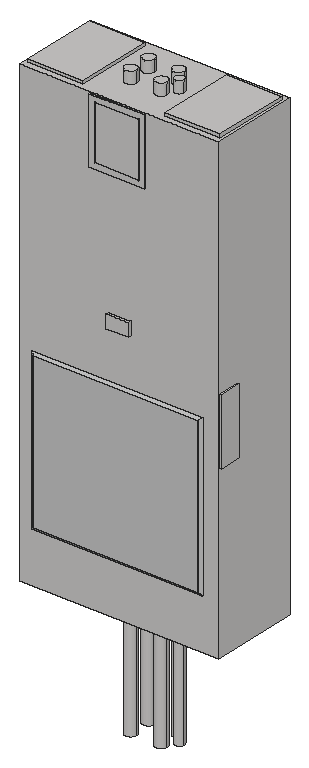
Revit family "Fan_Coil-Riser_Heat_Exchanger-Whalen-Vertical_Stacked-50_50", category Mechanical Equipment, Revit 2012 (continued)
Definition of nested family "Air Supply"
  Dimensions and locks (in)
    aligned and locked: curve 6 to plane 15
    aligned and locked: curve 9 to plane 13
    aligned and locked: plane 18 to curve 10
    aligned and locked: curve 12 to plane 16
    aligned and locked: curve 11 to plane 14
    aligned and locked: plane 27 "Connection Thermostat Y" to curve 13
    aligned and locked: plane 28 "Connection Thermostat Left X" to curve 13
    aligned and locked: plane 25 "Connection Thermostat Right X" to curve 14
    aligned and locked: plane 27 "Connection Thermostat Y" to curve 14
    aligned and locked: plane 22 "Connection Power Z" to curve 19
    aligned and locked: plane 29 "Connection Power Right X" to curve 19
    aligned and locked: plane 24 "Connection Power Left X" to curve 20
    aligned and locked: plane 22 "Connection Power Z" to curve 20
    aligned and locked: Extrusion 6 sketch curve to plane 4 "Left"
    aligned and locked: Extrusion 6 sketch curve to plane 5 "Back"
    aligned and locked: Extrusion 6 sketch curve to plane 7 "Right"
    aligned and locked: Extrusion 6 sketch curve to plane 6 "Front"
    aligned and locked: plane 8 "Top" to Extrusion 6
    aligned and locked: Extrusion 12 sketch curve to plane 4 "Left"
    aligned and locked: Extrusion 12 sketch curve to plane 6 "Front"
    aligned and locked: Extrusion 12 sketch curve to plane 7 "Right"
    aligned and locked: plane 8 "Top" to Extrusion 12
    aligned and locked: Extrusion 12 to level
    aligned and locked: Masking region 2 sketch curve to plane 35 "Grill Front"
    aligned and locked: Extrusion 1 sketch curve to plane 35 "Grill Front"
    aligned and locked: Extrusion 13 sketch curve to plane 19 "Access Panel Front"
    aligned and locked: Extrusion 13 sketch curve to plane 11
    aligned and locked: plane 6 "Front" to Extrusion 13 sketch curve
    aligned and locked: Extrusion 13 sketch curve to plane 12
    aligned and locked: Extrusion 13 to plane 10
    aligned and locked: plane 9 to Extrusion 13
    aligned and locked: plane 11 to curve 31
    aligned and locked: plane 12 to curve 31
    aligned and locked: Extrusion 14 sketch curve to plane 35 "Grill Front"
    aligned and locked: plane 6 "Front" to Extrusion 14 sketch curve
    aligned and locked: Extrusion 14 sketch curve to plane 30 "Return Grill Left"
    aligned and locked: Extrusion 14 sketch curve to plane 31 "Return Grill Right"
    aligned and locked: Extrusion 14 to plane 32 "Return Grill Bottom"
    aligned and locked: plane 33 "Return Grill Top" to Extrusion 14
    aligned and locked: Extrusion 12 sketch curve to plane 5 "Back"
    aligned and locked: plane 32 "Return Grill Bottom" to curve 37
    aligned and locked: plane 32 "Return Grill Bottom" to curve 36
    aligned and locked: plane 33 "Return Grill Top" to curve 37
    aligned and locked: plane 33 "Return Grill Top" to curve 36
    aligned and locked: Split face 1 sketch curve to curve 36
    aligned and locked: plane 33 "Return Grill Top" to Split face 1 sketch curve
    aligned and locked: plane 32 "Return Grill Bottom" to Split face 1 sketch curve
    aligned and locked: curve 37 to Split face 2 sketch curve
    aligned and locked: plane 33 "Return Grill Top" to Split face 2 sketch curve
    aligned and locked: plane 32 "Return Grill Bottom" to Split face 2 sketch curve
    aligned and locked: plane 36 to curve 31
    aligned and locked: plane 36 to Masking region 2 sketch curve
    aligned and locked: Sweep 2 sketch curve to plane 36
    aligned and locked: Extrusion 16 to plane 6 "Front"
    aligned and locked: plane 36 to Extrusion 16
    aligned and locked: Extrusion 17 sketch curve to plane 7 "Right"
    aligned and locked: Extrusion 17 sketch curve to plane 4 "Left"
    aligned and locked: Extrusion 17 sketch curve to plane 6 "Front"
    aligned and locked: Extrusion 17 sketch curve to plane 5 "Back"
    aligned and locked: Extrusion 17 to level
    aligned and locked: plane 8 "Top" to Extrusion 17
    aligned and locked: Extrusion 20 to plane 37 "Risers Bottom"
    aligned and locked: Extrusion 18 to plane 37 "Risers Bottom"
    aligned and locked: Extrusion 21 to plane 37 "Risers Bottom"
    aligned and locked: Extrusion 19 to plane 37 "Risers Bottom"
    aligned and locked: plane 40 "Top of Risers" to Extrusion 20
    aligned and locked: plane 40 "Top of Risers" to Extrusion 18
    aligned and locked: plane 40 "Top of Risers" to Extrusion 21
    aligned and locked: plane 40 "Top of Risers" to Extrusion 19
    aligned and locked: Extrusion 22 to plane 37 "Risers Bottom"
    aligned and locked: plane 39 "Condensate Pump" to Extrusion 22
    aligned and locked: plane 1 "Center (Front/Back)" to curve 43
    aligned and locked: curve 44 to plane 3 "Center (Left/Right)"
    aligned and locked: plane 4 "Left" to curve 43
    aligned and locked: plane 7 "Right" to curve 43
    aligned and locked: plane 5 "Back" to curve 44
    aligned and locked: plane 6 "Front" to curve 44
    aligned and locked: Masking region 3 sketch curve to plane 4 "Left"
    aligned and locked: Masking region 3 sketch curve to plane 5 "Back"
    aligned and locked: Masking region 3 sketch curve to plane 6 "Front"
    aligned and locked: Masking region 3 sketch curve to plane 7 "Right"
    aligned and locked: curve 45 to plane 5 "Back"
    aligned and locked: curve 46 to plane 4 "Left"
    aligned and locked: curve 47 to plane 6 "Front"
    aligned and locked: curve 48 to plane 7 "Right"
    aligned and locked: Extrusion 23 to plane 37 "Risers Bottom"
    aligned and locked: Extrusion 24 to plane 37 "Risers Bottom"
    aligned and locked: Extrusion 25 to plane 37 "Risers Bottom"
    aligned and locked: Extrusion 26 to plane 37 "Risers Bottom"
    aligned and locked: plane 40 "Top of Risers" to Extrusion 23
    aligned and locked: plane 40 "Top of Risers" to Extrusion 24
    aligned and locked: plane 40 "Top of Risers" to Extrusion 26
    aligned and locked: plane 40 "Top of Risers" to Extrusion 25
    aligned and locked: plane 41 "Drain Z" to curve 49
    aligned and locked: plane 47 "Drain Connector Y" to curve 49
    aligned and locked: plane 5 "Back" to Extrusion 28 sketch curve
    aligned and locked: Extrusion 28 sketch curve to plane 52 "Rear Return Air Left Left"
    aligned and locked: Extrusion 28 sketch curve to plane 20
    aligned and locked: plane 53 "Rear Return Left Right" to Extrusion 28 sketch curve
    aligned and locked: Extrusion 29 sketch curve to plane 20
    aligned and locked: plane 55 "Rear Return Right Left" to Extrusion 29 sketch curve
    aligned and locked: plane 5 "Back" to Extrusion 29 sketch curve
    aligned and locked: Extrusion 29 sketch curve to plane 54 "Rear Return Right Right"
    aligned and locked: Extrusion 28 to plane 50 "Rear Return Air Bottom"
    aligned and locked: Extrusion 29 to plane 50 "Rear Return Air Bottom"
    aligned and locked: plane 51 "Rear Return Air Top" to Extrusion 28
    aligned and locked: plane 51 "Rear Return Air Top" to Extrusion 29
    aligned and locked: curve 52 to plane 42 "Connections on Left"
    aligned and locked: curve 60 to plane 42 "Connections on Left"
    aligned and locked: plane 43 "Connections on Right" to curve 54
    aligned and locked: plane 43 "Connections on Right" to curve 58
    aligned and locked: plane 46 "Return Y" to curve 53
    aligned and locked: plane 46 "Return Y" to curve 55
    aligned and locked: curve 61 to plane 45 "Supply Y"
    aligned and locked: curve 59 to plane 45 "Supply Y"
    aligned and locked: plane 1 "Center (Front/Back)" to curve 57
    aligned and locked: plane 44 "Drain Connection X" to curve 56
    aligned and locked: plane 11 to Masking region 2 sketch curve
    aligned and locked: plane 12 to Masking region 2 sketch curve
    aligned and locked: plane 43 "Connections on Right" to curve 63
    aligned and locked: curve 62 to plane 42 "Connections on Left"
    aligned and locked: plane 37 "Risers Bottom" to curve 62
    aligned and locked: plane 37 "Risers Bottom" to curve 63
    aligned and locked: plane 43 "Connections on Right" to curve 65
    aligned and locked: curve 64 to plane 42 "Connections on Left"
    aligned and locked: plane 37 "Risers Bottom" to curve 64
    aligned and locked: plane 37 "Risers Bottom" to curve 65
    aligned and locked: plane 39 "Condensate Pump" to curve 66
    aligned and locked: plane 37 "Risers Bottom" to curve 66
    aligned and locked: plane 44 "Drain Connection X" to curve 66
    aligned and locked: plane 46 "Return Y" to curve 67
    aligned and locked: plane 45 "Supply Y" to curve 67
    aligned and locked: curve 67 to plane 38 "Top of Model Lines"
    aligned and locked: plane 46 "Return Y" to curve 68
    aligned and locked: plane 45 "Supply Y" to curve 68
    aligned and locked: curve 68 to plane 38 "Top of Model Lines"
    aligned and locked: plane 62 "Top Connections Thermostat Z" to curve 71
    aligned and locked: plane 59 "Top Thermostat X" to curve 71
    aligned and locked: plane 63 "Top Connections Power Z" to curve 72
    aligned and locked: plane 58 "Top Power X" to curve 72
    aligned and locked: Extrusion 32 to plane 56 "Outdoor Air"
    aligned and locked: Extrusion 32 sketch curve to plane 49 "Outdoor Air Height"
    aligned and locked: plane 57 "Outdoor Air Y" to Extrusion 32 sketch curve
    aligned and locked: plane 48 "Outdoor Air Offset" to Extrusion 32 sketch curve
    aligned and locked: Extrusion 32 sketch curve to plane 6 "Front"
  Automatic sketch dimensions
    curve 16 to curve 14 = 0.0000"  (x2)
    curve 15 to curve 13 = 0.0000"  (x2)
    profile plane to Sweep 7 sketch curve = 0.0000"  (x2)
    profile plane to Sweep 8 sketch curve = 0.0000"
    Sweep 8 sketch curve to profile plane = 0.0000"
    profile plane to Sweep 9 sketch curve = 0.0000"
    Sweep 9 sketch curve to profile plane = 0.0000"
    Sweep 10 sketch curve to profile plane = 0.0000"  (x2)
    profile plane to Sweep 27 sketch curve = 0.0000"
    Sweep 27 sketch curve to profile plane = 0.0000"
    Sweep 2 sketch curve to profile plane = 0.0000"  (x2)
    Sweep 2 sketch curve to Sweep 2 sketch curve = 0.5000"
    Sweep 11 sketch curve to profile plane = 0.0000"  (x2)
    Sweep 11 sketch curve to profile plane = 0.1250"
    profile plane to Sweep 11 sketch curve = 1.0000"
    Sweep 15 sketch curve to profile plane = 0.0000"  (x2)
    profile plane to Sweep 15 sketch curve = 0.5000"  (x2)
    Extrusion 26 sketch curve to plane 45 "Supply Y" = 0.0000"
    curve 65 to plane 38 "Top of Model Lines" = 0.0000"
    curve 64 to plane 38 "Top of Model Lines" = 0.0000"
    curve 63 to plane 38 "Top of Model Lines" = 0.0000"
    curve 62 to plane 38 "Top of Model Lines" = 0.0000"
    curve 15 to curve 13 = 0.5000"
    curve 16 to curve 14 = 0.5000"
    plane 31 "Return Grill Right" to curve 19 = 0.5000"
    plane 30 "Return Grill Left" to curve 20 = 0.5000"
    Sweep 30 sketch curve to profile plane = 0.0000"  (x2)
    Sweep 31 sketch curve to profile plane = 0.0000"  (x2)
    radius of Sweep 7 sketch curve = 0.2500"
    radius of Sweep 8 sketch curve = 0.2500"
    radius of Sweep 9 sketch curve = 0.2500"
    radius of Sweep 10 sketch curve = 0.2500"
    radius of curve 23 = 0.4375"
    radius of curve 24 = 0.4375"
    radius of Sweep 9 to curve 25 = 0.1875"
    radius of Sweep 8 to curve 26 = 0.1875"
    radius of Extrusion 23 sketch curve = 1.5000"
    radius of Extrusion 25 sketch curve = 1.5000"
    radius of Sweep 27 sketch curve = 0.3575"
    radius of curve 51 = 0.1250"
    radius of Sweep 30 sketch curve = 0.2500"
    radius of Sweep 31 sketch curve = 0.2500"
    radius of curve 69 = 0.4375"
    radius of curve 70 = 0.4375"
Types (11): name | zz Length 6 | zz Length 4 | zz Length 3 | zz Length 2 | zz Length 1 | zz Integer 3 | zz Integer 1 | zz ElectricalCurrent 2 | zz ElectricalCurrent 1 | Width | Weight | Unit is Short Height | Unit is Standard Height | Risers are 1.25 Inch | Risers are 1.0 Inch | Riser Size | Minimum Circuit Ampacity | Part Number | Part Description | Outdoor Air Configuration | Model | Height | Has Outdoor Air Opening on Right | Gallons Per Minute | Depth | Description | Apparent Load | Air Supply Selection | Actual Supply Air Flow | Actual Return Air Flow
  0,300 CFM | 0.5000" | 0.5625" | 24.0000" | 14.0000" | 90.0000" | 0 | 300 | 3.3 A | 1.3 A | 24.0000" | 215.00 lbf | no | yes | no | yes | "1.0 Inch" | 3.3 A | "W3022" | "50/50 Riser Heat-Exchanger Vertical Fan-Coil Units, 300 CFM" | "Has No Outdoor Air" | "W3022" | 90.0000" | no | 15.0358 GPM | 14.0000" | "50/50 Riser Heat-Exchanger Vertical Fan-Coil Units, 300 CFM" | 379.5 VA | Air Supply : Type V, Ducted | 200 CFM | 200 CFM
  0,400 CFM | 0.5000" | 0.5625" | 24.0000" | 14.0000" | 90.0000" | 0 | 400 | 3.3 A | 1.3 A | 24.0000" | 215.00 lbf | no | yes | no | yes | "1.0 Inch" | 3.3 A | "W4022" | "50/50 Riser Heat-Exchanger Vertical Fan-Coil Units, 400 CFM" | "Has No Outdoor Air" | "W4022" | 90.0000" | no | 15.0358 GPM | 14.0000" | "50/50 Riser Heat-Exchanger Vertical Fan-Coil Units, 400 CFM" | 379.5 VA | Air Supply : Type I, Front Discharge | 444 CFM | 444 CFM
  0,500 CFM | 0.5000" | 0.5625" | 24.0000" | 14.0000" | 90.0000" | 0 | 500 | 3.3 A | 1.3 A | 24.0000" | 215.00 lbf | no | yes | no | yes | "1.0 Inch" | 3.3 A | "W5022" | "50/50 Riser Heat-Exchanger Vertical Fan-Coil Units, 500 CFM" | "Has No Outdoor Air" | "W5022" | 90.0000" | no | 15.0358 GPM | 14.0000" | "50/50 Riser Heat-Exchanger Vertical Fan-Coil Units, 500 CFM" | 379.5 VA | Air Supply : Type I, Front Discharge | 500 CFM | 500 CFM
  0,600 CFM | 0.5000" | 0.5625" | 24.0000" | 14.0000" | 90.0000" | 0 | 600 | 3.3 A | 1.3 A | 24.0000" | 215.00 lbf | no | yes | no | yes | "1.0 Inch" | 3.3 A | "W6022" | "50/50 Riser Heat-Exchanger Vertical Fan-Coil Units, 600 CFM" | "Has No Outdoor Air" | "W6022" | 90.0000" | no | 15.0358 GPM | 14.0000" | "50/50 Riser Heat-Exchanger Vertical Fan-Coil Units, 600 CFM" | 379.5 VA | Air Supply : Type I, Front Discharge | 482 CFM | 482 CFM
  0,800 CFM | 0.6250" | 0.6875" | 32.0000" | 14.0000" | 90.0000" | 0 | 800 | 4 A | 1.3 A | 32.0000" | 280.00 lbf | no | yes | yes | no | "1.25 Inch" | 4 A | "W8022" | "50/50 Riser Heat-Exchanger Vertical Fan-Coil Units, 800 CFM" | "Has No Outdoor Air" | "W8022" | 90.0000" | no | 22.9652 GPM | 14.0000" | "50/50 Riser Heat-Exchanger Vertical Fan-Coil Units, 800 CFM" | 460 VA | Air Supply : Type I, Front Discharge | 724 CFM | 724 CFM
  1,000 CFM | 0.6250" | 0.6875" | 32.0000" | 14.0000" | 90.0000" | 0 | 1000 | 4 A | 1.8 A | 32.0000" | 280.00 lbf | no | yes | yes | no | "1.25 Inch" | 4 A | "W10022" | "50/50 Riser Heat-Exchanger Vertical Fan-Coil Units, 1000 CFM" | "Has No Outdoor Air" | "W10022" | 90.0000" | no | 22.9652 GPM | 14.0000" | "50/50 Riser Heat-Exchanger Vertical Fan-Coil Units, 1000 CFM" | 460 VA | Air Supply : Type I, Front Discharge | 910 CFM | 910 CFM
  1,200 CFM | 0.6250" | 0.6875" | 36.0000" | 16.0000" | 90.0000" | 0 | 1200 | 5.8 A | 1.8 A | 36.0000" | 310.00 lbf | no | yes | yes | no | "1.25 Inch" | 5.8 A | "W12022" | "50/50 Riser Heat-Exchanger Vertical Fan-Coil Units, 1200 CFM" | "Has No Outdoor Air" | "W12022" | 90.0000" | no | 22.9652 GPM | 16.0000" | "50/50 Riser Heat-Exchanger Vertical Fan-Coil Units, 1200 CFM" | 667 VA | Air Supply : Type I, Front Discharge | 1160 CFM | 1160 CFM
  1,600 CFM | 0.6250" | 0.6875" | 36.0000" | 16.0000" | 84.0000" | 1 | 1600 | 7.5 A | 3 A | 36.0000" | 310.00 lbf | yes | no | yes | no | "1.25 Inch" | 7.5 A | "W16022" | "50/50 Riser Heat-Exchanger Vertical Fan-Coil Units, 1600 CFM" | "Opening on the Right" | "W16022" | 84.0000" | yes | 22.9652 GPM | 16.0000" | "50/50 Riser Heat-Exchanger Vertical Fan-Coil Units, 1600 CFM" | 862.5 VA | Air Supply : Type V, Ducted | 1600 CFM | 1600 CFM
  0,400 CFM, Extended | 0.6250" | 0.6875" | 28.0000" | 14.0000" | 90.0000" | 0 | 401 | 3.3 A | 1.3 A | 28.0000" | 0.00 lbf | no | yes | yes | no | "1.25 Inch" | 3.3 A | "W4022X" | "50/50 Riser Heat-Exchanger Vertical Fan-Coil Units, 400 CFM" | "Has No Outdoor Air" | "W4022X" | 90.0000" | no | 22.9652 GPM | 14.0000" | "50/50 Riser Heat-Exchanger Vertical Fan-Coil Units, 400 CFM" | 379.5 VA | Air Supply : Type I, Front Discharge | 444 CFM | 444 CFM
  0,500 CFM, Extended | 0.6250" | 0.6875" | 28.0000" | 14.0000" | 90.0000" | 0 | 501 | 3.3 A | 1.3 A | 28.0000" | 0.00 lbf | no | yes | yes | no | "1.25 Inch" | 3.3 A | "W5022X" | "50/50 Riser Heat-Exchanger Vertical Fan-Coil Units, 500 CFM" | "Has No Outdoor Air" | "W5022X" | 90.0000" | no | 22.9652 GPM | 14.0000" | "50/50 Riser Heat-Exchanger Vertical Fan-Coil Units, 500 CFM" | 379.5 VA | Air Supply : Type I, Front Discharge | 500 CFM | 500 CFM
  0,600 CFM, Extended | 0.6250" | 0.6875" | 28.0000" | 14.0000" | 90.0000" | 0 | 601 | 3.3 A | 1.3 A | 28.0000" | 215.00 lbf | no | yes | yes | no | "1.25 Inch" | 3.3 A | "W6022X" | "50/50 Riser Heat-Exchanger Vertical Fan-Coil Units, 600 CFM" | "Has No Outdoor Air" | "W6022X" | 90.0000" | no | 22.9652 GPM | 14.0000" | "50/50 Riser Heat-Exchanger Vertical Fan-Coil Units, 600 CFM" | 379.5 VA | Air Supply : Type I, Front Discharge | 482 CFM | 482 CFM
